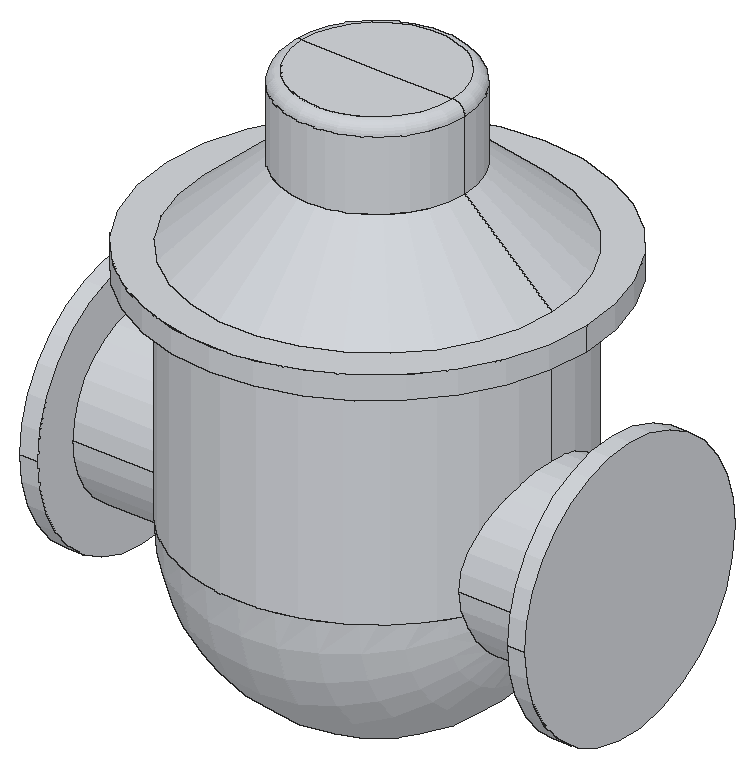
Revit family "Válvula de redução de pressão - 40-150 mm - Flangeada", category Acessórios do tubo, Revit 2019
Family settings
  Cota do conector redondo = Usar raio
  Tipo de parte = Válvula - Quebra entre
  ID de item do Seek = Pressure Regulating Valve - 50-150 mm - Flanged-0000-CAN-ENU
  Com base no plano de trabalho = Não
  Sempre na vertical = Sim
  Corte com vazios quando carregada = Não
  Compartilhado = Não
Parameters (values of type "150 mm")
  Material da válvula = none
  Comprimento da válvula = 550 mm
  Raio 5 = if(Raio do corpo > Raio da esfera, Raio do corpo, Raio da esfera)  # 190 mm
  Raio 4 = Raio 1 - 13 mm  # 82 mm
  Raio 3 = Raio do corpo * 1.2  # 228 mm
  Raio 2 = (Diâmetro 1 - 25 mm) / 2  # 82.5 mm
  Raio 1 = Diâmetro 1 / 2  # 95 mm
  Queda de pressão [instance] = 7.0 psi
  Altura total = 625 mm
  Raio externo = Diâmetro externo / 2  # 82.5 mm
  Diâmetro externo = 1.1 * Diâmetro nominal  # 165 mm
  Raio nominal = 75 mm
  Diâmetro nominal = Raio nominal * 2  # 150 mm
  Método de perda = Não definido
  Comprimento 8 = Comprimento da válvula * 0.3  # 165 mm
  Comprimento 7 = Comprimento da válvula / 10  # 55 mm
  Comprimento 6 = Comprimento da válvula / 2 * 0.8  # 220 mm
  Comprimento 5 = (Comprimento 3 ^ 2 - Comprimento 4 ^ 2) ^ (1 / 2)  # 89.815 mm
  Comprimento 4 = Comprimento 3 / 3  # 31.754 mm
  Comprimento 3 = Comprimento 1 / 2  # 95.263 mm
  Comprimento 2 = Comprimento 1 * 1.5  # 285.788 mm
  Comprimento 1 = Comprimento da válvula * 0.6 / tan(60.00°)  # 190.526 mm
  Comprimento = 1 / 4 * Comprimento da válvula  # 137.5 mm
  K Coefficient = 0
  Altura 2 = Altura total / 3  # 208.333 mm
  Altura 1 = 215 mm
  Espessura do flange = 19 mm
  Raio da flange = Diâmetro da flange / 2  # 142.5 mm
  Diâmetro da flange = 285 mm
  Diâmetro 1 = Raio do corpo  # 190 mm
  Raio do corpo = Diâmetro do corpo / 2  # 190 mm
  Diâmetro do corpo = 380 mm
  Raio da esfera = Raio do corpo  # 190 mm
Types (7, lengths in mm): name | Comprimento da válvula | Raio 5 | Raio 4 | Raio 3 | Raio 2 | Raio 1 | Altura total | Raio externo | Diâmetro externo | Raio nominal | Diâmetro nominal | Comprimento 8 | Comprimento 7 | Comprimento 6 | Comprimento 5 | Comprimento 4 | Comprimento 3 | Comprimento 2 | Comprimento 1 | Comprimento | Altura 2 | Altura 1 | Espessura do flange | Raio da flange | Diâmetro da flange | Diâmetro 1 | Raio do corpo | Diâmetro do corpo | Raio da esfera
  (no name) | 550 | 190 | 82 | 228 | 82.5 | 95 | 625 | 82.5 | 165 | 75 | 150 | 165 | 55 | 220 | 89.815 | 31.754 | 95.263 | 285.788 | 190.526 | 137.5 | 208.333 | 215 | 19 | 142.5 | 285 | 190 | 190 | 380 | 190
  40 mm | 210 | 67.5 | 20.75 | 81 | 21.25 | 33.75 | 293 | 22 | 44 | 20 | 40 | 63 | 21 | 84 | 34.293 | 12.124 | 36.373 | 109.119 | 72.746 | 52.5 | 97.667 | 94 | 18 | 75 | 150 | 67.5 | 67.5 | 135 | 67.5
  50 mm | 225 | 68.5 | 21.25 | 82.2 | 21.75 | 34.25 | 300 | 27.5 | 55 | 25 | 50 | 67.5 | 22.5 | 90 | 36.742 | 12.99 | 38.971 | 116.913 | 77.942 | 56.25 | 100 | 95 | 18 | 82.5 | 165 | 68.5 | 68.5 | 137 | 68.5
  80 mm | 290 | 105 | 39.5 | 126 | 40 | 52.5 | 405 | 44 | 88 | 40 | 80 | 87 | 29 | 116 | 47.357 | 16.743 | 50.229 | 150.688 | 100.459 | 72.5 | 135 | 125 | 19 | 100 | 200 | 105 | 105 | 210 | 105
  100 mm | 360 | 125 | 49.5 | 150 | 50 | 62.5 | 470 | 55 | 110 | 50 | 100 | 108 | 36 | 144 | 58.788 | 20.785 | 62.354 | 187.061 | 124.708 | 90 | 156.667 | 137 | 19 | 110 | 220 | 125 | 125 | 250 | 125
  150 mm | 550 | 190 | 82 | 228 | 82.5 | 95 | 625 | 82.5 | 165 | 75 | 150 | 165 | 55 | 220 | 89.815 | 31.754 | 95.263 | 285.788 | 190.526 | 137.5 | 208.333 | 215 | 19 | 142.5 | 285 | 190 | 190 | 380 | 190
  200 mm | 600 | 190 | 82 | 228 | 82.5 | 95 | 640 | 110 | 220 | 100 | 200 | 180 | 60 | 240 | 97.98 | 34.641 | 103.923 | 311.769 | 207.846 | 150 | 213.333 | 220 | 20 | 170 | 340 | 190 | 190 | 380 | 190
Reference planes
  plane 1 "Centro (frente/trás)": y = 0
  plane 2: z = 0
  plane 3 "Centro (direita/esquerda)": x = 0
  plane 4: x = -275
  plane 5: x = 275
  plane 6: x = -256
  plane 7: x = 256
  plane 8: z = 240
  plane 9: z = -215
  plane 10: z = 215
  plane 11: z = 322
  plane 12: z = 410
  plane 13: y = 95.263
  plane 14: y = -95.263
  plane 15: y = 285.788
  plane 16: x = -95.263
  plane 17: x = 95.263
  plane 18: y = 317.543
  plane 19: x = 89.815
  plane 20: x = -89.815
  plane 21: x = 220
  plane 22: x = -220
  plane 23: y = 55
  plane 24: x = -165
  plane 25: x = 165
  plane 26: z = -25
Forms (mm)
  Sweep 1, solid, material <- "Material da válvula", detail levels fine
    path origin (0, 0, 0) x (1, 0, 0) y (0, 1, 0)
      loop
        line (-256, 0) -> (-275, 0)
    profile origin (-265.5, 0, 0) x (0, -1, 0) y (0, 0, 1)
      loop
        circle (0, 0) r 142.5
  Sweep 2, solid, material <- "Material da válvula", detail levels fine
    path origin (0, 0, 0) x (1, 0, 0) y (0, 1, 0)
      loop
        line (256, 0) -> (275, 0)
    profile origin (265.5, 0, 0) x (0, 1, 0) y (0, 0, 1)
      loop
        circle (0, 0) r 142.5
  Revolve 3, solid, material <- "Material da válvula", detail levels fine
    sketch origin (-130.094, -4572, -25) x (-1, 0, 0) y (0, -1, 0)
      loop
        arc (-320.094, -4572) -> (-130.094, -4762) -> (59.906, -4572) r 190
        line (59.906, -4572) -> (-320.094, -4572)
      axis (-320.094, -4572) -> (59.906, -4572)
    angle from 0 to 360
  Blend 4, solid, material <- "Material da válvula", detail levels fine
    base sketch origin (0, 0, 0) x (1, 0, 0) y (0, 1, 0)
      loop
        circle (0, 0) r 190
    top sketch origin (0, 0, 0) x (1, 0, 0) y (0, 1, 0)
      loop
        circle (0, 0) r 95
    from 240 to 322
  Revolve 5, solid, material <- "Material da válvula", detail levels fine
    sketch origin (0, 0, 0) x (1, 0, 0) y (0, 0, 1)
      loop
        line (0, 322) -> (0, 410) -> (-82.3, 410)
        arc (-82.3, 410) -> (-91.28, 406.28) -> (-95, 397.3) r 12.7
        line (-95, 397.3) -> (-95, 322) -> (0, 322)
      axis (0, 410) -> (0, 322)
    angle from 0 to 360
  Extrusion 6, solid, material <- "Material da válvula", detail levels fine
    sketch origin (0, 0, 0) x (1, 0, 0) y (0, 1, 0)
      loop
        circle (0, 0) r 190
    from -25 to 215
  Extrusion 7, solid, material <- "Material da válvula", detail levels fine
    sketch origin (0, 0, 0) x (1, 0, 0) y (0, 1, 0)
      loop
        circle (0, 0) r 228
    from 215 to 240
  Extrusion 8, solid, material <- "Material da válvula", detail levels fine
    sketch origin (0, 0, 0) x (0, 1, 0) y (0, 0, 1)
      loop
        circle (0, 0) r 95
    from -256 to 256
Cuts and joins
  joined: Sweep 1, Sweep 2, Revolve 3, Blend 4, Revolve 5, Extrusion 6, Extrusion 7, Extrusion 8
Lines and regions (mm)
  model lines, detail levels coarse+medium
    curve 1: line (0, 285.788, 0) -> (0, 0, 0)
    curve 2: arc (95.263, 285.788, 0) -> (0, 381.051, 0) -> (-95.263, 285.788, 0) r 95.263
    curve 3: line (-95.263, 285.788, 0) -> (95.263, 285.788, 0)
    curve 4: line (89.815, 317.543, 0) -> (220, 317.543, 0)
    curve 5: line (220, 317.543, 0) -> (220, 55, 0)
    curve 6: circle (220, 0, 0) r 55 normal (0, 0, 1)
    curve 7: line (-220, 317.543, 0) -> (-89.815, 317.543, 0)
    curve 8: line (-220, 317.543, 0) -> (-220, 55, 0)
    curve 9: circle (-220, 0, 0) r 55 normal (0, 0, 1)
    curve 10: line (-165, 95.263, 0) -> (165, -95.263, 0)
    curve 11: line (165, 95.263, 0) -> (-165, -95.263, 0)
    curve 12: line (-165, 95.263, 0) -> (-165, -95.263, 0)
    curve 13: line (165, 95.263, 0) -> (165, -95.263, 0)
Dimensions and locks
  equal spacing: plane 4, plane 3 "Centro (direita/esquerda)", plane 5
  "Comprimento da válvula": plane 4 to plane 5
  locked: level to plane 2
  "Altura 1": plane 2 to plane 9
  "Raio 4": plane 11 to plane 8
  "Altura total": plane 12 to plane 9
  "Raio 1": Revolve 5 sketch curve to Revolve 5 sketch curve
  equal spacing: plane 13, plane 1 "Centro (frente/trás)", plane 14
  "Comprimento 1": plane 13 to plane 14
  "Comprimento 2": plane 1 "Centro (frente/trás)" to plane 15
  "Comprimento 3": plane 16 to plane 3 "Centro (direita/esquerda)"
  "Comprimento 3": plane 3 "Centro (direita/esquerda)" to plane 17
  "Comprimento 4": plane 18 to plane 15
  "Comprimento 5": plane 20 to plane 3 "Centro (direita/esquerda)"
  "Comprimento 5": plane 3 "Centro (direita/esquerda)" to plane 19
  "Comprimento 6": plane 3 "Centro (direita/esquerda)" to plane 21
  "Comprimento 6": plane 22 to plane 3 "Centro (direita/esquerda)"
  "Comprimento 7": plane 1 "Centro (frente/trás)" to plane 23
  "Comprimento 8": plane 24 to plane 3 "Centro (direita/esquerda)"
  "Comprimento 8": plane 3 "Centro (direita/esquerda)" to plane 25
  "Espessura do flange": plane 4 to plane 6
  "Espessura do flange": plane 7 to plane 5
  "Raio do corpo": plane 26 to plane 9
  "Altura 1": plane 10 to plane 2
  locked: plane 8 to plane 10 at 25
  "Raio da flange": radius of Sweep 1 sketch curve
  "Raio da flange": radius of Sweep 2 sketch curve
  "Raio da esfera": radius of Revolve 3 sketch curve
  "Raio do corpo": radius of Blend 4 sketch curve
  "Raio 1": radius of Blend 4 sketch curve
  "Comprimento 3": radius of curve 2
  "Comprimento 7": radius of curve 6
  "Comprimento 7": radius of curve 9
  "Raio do corpo": radius of Extrusion 6 sketch curve
  "Raio 3": radius of Extrusion 7 sketch curve
  "Raio 1": radius of Extrusion 8 sketch curve
  locked: curve 2 to curve 2 (angle 180.00°)
  aligned and locked: plane 4 to Sweep 1 sketch curve
  aligned and locked: plane 6 to Sweep 1 sketch curve
  aligned and locked: Sweep 1 sketch curve to plane 1 "Centro (frente/trás)"
  aligned and locked: plane 2 to Sweep 1 sketch curve
  aligned and locked: plane 1 "Centro (frente/trás)" to Sweep 1 sketch curve
  aligned and locked: plane 5 to Sweep 2 sketch curve
  aligned and locked: plane 7 to Sweep 2 sketch curve
  aligned and locked: plane 1 "Centro (frente/trás)" to Sweep 2 sketch curve  (x2)
  aligned and locked: profile plane to plane 2
  aligned and locked: plane 1 "Centro (frente/trás)" to Revolve 3 sketch curve
  aligned and locked: plane 3 "Centro (direita/esquerda)" to Revolve 3 sketch curve
  aligned and locked: plane 1 "Centro (frente/trás)" to Blend 4 sketch curve  (x2)
  aligned and locked: plane 3 "Centro (direita/esquerda)" to Blend 4 sketch curve  (x2)
  aligned and locked: plane 11 to Blend 4
  aligned and locked: Blend 4 to plane 8
  aligned and locked: Revolve 5 sketch curve to plane 3 "Centro (direita/esquerda)"
  aligned and locked: plane 11 to Revolve 5 sketch curve
  aligned and locked: plane 15 to curve 1
  aligned and locked: plane 1 "Centro (frente/trás)" to curve 1
  aligned and locked: curve 1 to plane 3 "Centro (direita/esquerda)"
  aligned and locked: plane 3 "Centro (direita/esquerda)" to curve 2
  aligned and locked: curve 3 to plane 15
  aligned and locked: curve 4 to plane 18
  aligned and locked: curve 5 to plane 23
  aligned and locked: curve 5 to plane 18
  aligned and locked: curve 5 to plane 21
  aligned and locked: plane 21 to curve 6
  aligned and locked: plane 20 to curve 7
  aligned and locked: curve 7 to plane 18
  aligned and locked: plane 23 to curve 8
  aligned and locked: curve 8 to plane 22
  aligned and locked: plane 22 to curve 9
  aligned and locked: plane 13 to curve 10
  aligned and locked: plane 25 to curve 10
  aligned and locked: plane 14 to curve 10
  aligned and locked: plane 13 to curve 11
  aligned and locked: plane 24 to curve 11
  aligned and locked: plane 14 to curve 12
  aligned and locked: curve 12 to plane 24
  aligned and locked: plane 25 to curve 13
  aligned and locked: plane 1 "Centro (frente/trás)" to Extrusion 6 sketch curve
  aligned and locked: plane 3 "Centro (direita/esquerda)" to Extrusion 6 sketch curve
  aligned and locked: Extrusion 6 to plane 26
  aligned and locked: Revolve 5 sketch curve to plane 12
  aligned and locked: plane 1 "Centro (frente/trás)" to Extrusion 7 sketch curve
  aligned and locked: plane 3 "Centro (direita/esquerda)" to Extrusion 7 sketch curve
  aligned and locked: Extrusion 7 to plane 10
  aligned and locked: plane 2 to Extrusion 8 sketch curve
  aligned and locked: plane 1 "Centro (frente/trás)" to Extrusion 8 sketch curve
  aligned and locked: Extrusion 8 to plane 6
  aligned and locked: plane 8 to Extrusion 7
  aligned and locked: plane 10 to Extrusion 6
  aligned and locked: plane 7 to Extrusion 8
Automatic sketch dimensions
  Sweep 2 sketch curve to level = 0 mm
  Revolve 5 sketch curve to plane 3 "Centro (direita/esquerda)" = 0 mm
  Revolve 5 sketch curve to plane 9 = 419.1 mm
  plane 12 to Revolve 5 sketch curve = 1896.271 mm
  plane 1 "Centro (frente/trás)" to Revolve 3 sketch curve = 0 mm
  plane 5 to Revolve 3 sketch curve = 1080.1 mm
  Revolve 3 sketch curve to plane 4 = 1080.1 mm
  Revolve 5 sketch curve to plane 12 = 12.7 mm
Connectors
  piping at (-275, 0, 0), diameter 150, driven by "Raio nominal"
    settings: on Sweep 1, index 1, connector inside diameter 150 mm, connector length 0 mm, flow factor 0, pipe flow 0.0 L/s, pressure drop 0.0 psi, fitting loss kfactor 0, connector angle 0.00°, fixture units 0, engagement length 0 mm, angle of deflection 0.00°, flow configuration 0, flow direction 0, fitting loss method 4, system type 29, joint type 0, gender type 0, connector reference index 2, connector utility 0, adjustable connector no, is connector primary yes, connector description ""
  piping at (275, 0, 0), diameter 150, driven by "K Coefficient", driven by "Raio nominal", driven by "Queda de pressão"
    settings: on Sweep 2, index 2, connector inside diameter 150 mm, connector length 0 mm, flow factor 0, pipe flow 0.0 L/s, pressure drop 7.0 psi, fitting loss kfactor 0, connector angle 0.00°, fixture units 0, engagement length 0 mm, angle of deflection 0.00°, flow configuration 0, flow direction 0, fitting loss method 4, system type 29, joint type 0, gender type 0, connector reference index 1, connector utility 0, adjustable connector no, is connector primary no, connector description ""
